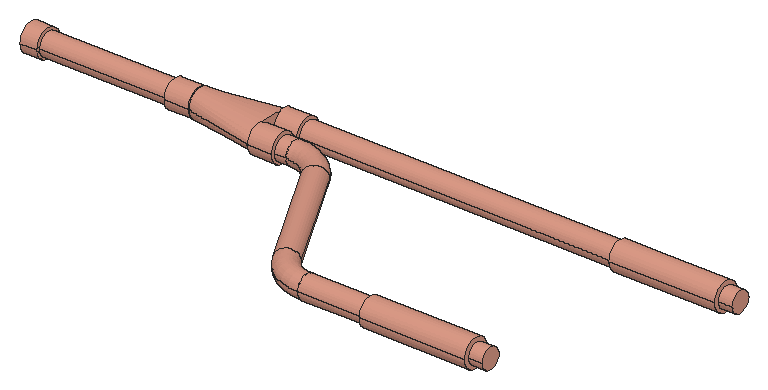
Revit family "outputfile", category 配管付属品, Revit 2024
Family settings
  丸型コネクタ寸法 = 半径を使用
  パーツ タイプ = 標準
  OmniClass 番号 = 23.65.55.00
  OmniClass タイトル = Distribution of Supplied Liquids/Gases
  作業面ベース = いいえ
  常に垂直 = はい
  ロード時にボイドで切り取り = いいえ
  共有 = いいえ
Parameters (values of type "BHRP26A22TA")
  Description = ""
  製造元 = "Daikin"
  書き出し IFC クラス(タイプ) = "IfcPipeFittingType"
  定義済み IFC タイプ(タイプ) = "JUNCTION"
  Cost = 0
  Type Comments = ""
  Keynote = ""
  Type Image = (empty or 0)
  Assembly Code = ""
  mm⇔inch [instance] = yes
  l_InletPipe4 = 10.0 mm
  built-in parameter 1114242 [instance] = (empty or 0)
  Default Elevation = 0.0 mm
  モデル = "BHRP26A22TA"
  table_StraightPipe [instance] = if(mm⇔inch, "Refnet Joint_BHRP26A-TA_Liquid_StraightPipe", "Refnet Joint_BHRP26A-TA_Liquid_StraightPipe_inch")  # "Refnet Joint_BHRP26A-TA_Liquid_StraightPipe"
  table_BranchPipe [instance] = if(mm⇔inch, "Refnet Joint_BHRP26A-TA_Liquid_BranchPipe", "Refnet Joint_BHRP26A-TA_Liquid_BranchPipe_inch")  # "Refnet Joint_BHRP26A-TA_Liquid_BranchPipe"
  table_Inlet [instance] = if(mm⇔inch, "Refnet Joint_BHRP26A-TA_Liquid_Inlet", "Refnet Joint_BHRP26A-TA_Liquid_Inlet_inch")  # "Refnet Joint_BHRP26A-TA_Liquid_Inlet"
  switch_StraightPipe_Reducer [instance] = if(Is_StraightPipe Reducer = 1, 1 = 1, 1 = 0)  # no
  switch_StraightPipe3 [instance] = if(number_StraightPipe = 3, 1 = 1, 1 = 0)  # no
  switch_StraightPipe2 [instance] = if(number_StraightPipe < 2, 1 = 0, 1 = 1)  # yes
  switch_BranchPipe_Reducer [instance] = if(Is_BranchPipe Reducer = 1, 1 = 1, 1 = 0)  # no
  switch_BranchPipe3 [instance] = if(number_BranchPipe = 3, 1 = 1, 1 = 0)  # no
  switch_BranchPipe2 [instance] = if(number_BranchPipe < 2, 1 = 0, 1 = 1)  # yes
  switch_Inlet pipe_Reducer [instance] = if(Is_Inlet Reducer = 1, 1 = 1, 1 = 0)  # no
  switch_Inlet pipe3 [instance] = if(number_InletPipe = 3, 1 = 1, 1 = 0)  # no
  switch_Inlet pipe2 [instance] = if(number_InletPipe < 2, 1 = 0, 1 = 1)  # no
  Uniclass2015Version = "Products v1.31"
  Uniclass2015Title = "Copper pipe fittings"
  Uniclass2015Code = "Pr_65_52_63_18"
  URL = ""
  StraightPipe_Liquid_ActualDiameter [instance] = 6.4 mm
  Material_Piping = DAIKIN_Copper_Pipe
  Material_Insulation = DAIKIN_White_Insulation
  lw_Insulation [instance] = size_lookup(table_Inlet, "lw_Insulation", 38.0 mm, モデル)  # 38.0 mm
  Unit Type = "BHRP26A-TA_Liquid"
  Tag No. [instance] = ""
  StraightPipe_Liquid_Status [instance] = size_lookup(table_StraightPipe, "Information", "The connected pipe size is not available.", モデル, StraightPipe_Liquid_ActualDiameter)  # "Default connector size is used."
  Link_Nested Family [instance] = ""
  Inlet_Liquid_Actual Diameter [instance] = 9.5 mm
  IfcVersion = ""
  IfcExportType = "JUNCTION"
  IfcExportAs = "IfcPipeFittingType"
  BranchPipe_Liquid_Status [instance] = size_lookup(table_BranchPipe, "Information", "The connected pipe size is not available.", モデル, BranchPipe_Liquid_ActualDiameter)  # "Default connector size is used."
  Inlet_Liquid_Status [instance] = size_lookup(table_Inlet, "Information", "The connected pipe size is not available.", モデル, Inlet_Liquid_Actual Diameter)  # "Default connector size is used."
  Series = "Refnet Joint"
  O.R_dividePipe_Inlet [instance] = (I.D_InletPipe1 + 2.0 mm) / 2  # 5.75 mm
  r_StraightPipe_Connector [instance] = StraightPipe_Liquid_ActualDiameter / 2  # 3.2 mm
  r_BranchPipe_Connector [instance] = BranchPipe_Liquid_ActualDiameter / 2  # 3.2 mm
  r_Inlet_Connector [instance] = Inlet_Liquid_Actual Diameter / 2  # 4.75 mm
  number_StraightPipe [instance] = size_lookup(table_StraightPipe, "pipeNumber", 2, モデル, StraightPipe_Liquid_ActualDiameter)  # 2
  number_BranchPipe [instance] = size_lookup(table_BranchPipe, "pipeNumber", 2, モデル, BranchPipe_Liquid_ActualDiameter)  # 2
  number_InletPipe [instance] = size_lookup(table_Inlet, "pipeNumber", 1, モデル, Inlet_Liquid_Actual Diameter)  # 1
  r_BranchPipeR [instance] = size_lookup(table_BranchPipe, "r_offsetPipeR", 18.0 mm, モデル, BranchPipe_Liquid_ActualDiameter)  # 18.0 mm
  l_BranchPipe_Straight2 [instance] = size_lookup(table_BranchPipe, "L_offsetPipe2", 26.5 mm, モデル)  # 26.5 mm
  l_BranchPipe_Straight1 [instance] = size_lookup(table_BranchPipe, "L_offsetPipe1", 5.0 mm, モデル)  # 5.0 mm
  l_BranchPipe connector [instance] = size_lookup(table_BranchPipe, "Length", 150.0 mm, モデル, BranchPipe_Liquid_ActualDiameter)  # 150.0 mm
  l_inlet connector [instance] = size_lookup(table_Inlet, "Length", 70.0 mm, モデル, Inlet_Liquid_Actual Diameter)  # 70.0 mm
  l_dividePipe [instance] = size_lookup(table_Inlet, "L_devidePipe", 30.0 mm, モデル)  # 30.0 mm
  l_StraightPipeReducer [instance] = size_lookup(table_StraightPipe, "L_Reducer", 80.0 mm, モデル, StraightPipe_Liquid_ActualDiameter)  # 80.0 mm
  l_StraightPipe3 [instance] = size_lookup(table_StraightPipe, "L_Pipe3", 2.0 mm, モデル)  # 2.0 mm
  l_StraightPipe2 [instance] = size_lookup(table_StraightPipe, "L_Pipe2", 6.0 mm, モデル)  # 6.0 mm
  l_StraightPipe1 [instance] = size_lookup(table_StraightPipe, "L_Pipe1", 44.0 mm, モデル)  # 44.0 mm
  l_StraightPipe0 [instance] = size_lookup(table_StraightPipe, "L_Pipe0", 130.0 mm, モデル)  # 130.0 mm
  l_StraightPipe connector [instance] = size_lookup(table_StraightPipe, "Length", 190.0 mm, モデル, StraightPipe_Liquid_ActualDiameter)  # 190.0 mm
  l_BranchPipe Reducer [instance] = size_lookup(table_BranchPipe, "L_Reducer", 50.0 mm, モデル, BranchPipe_Liquid_ActualDiameter)  # 50.0 mm
  l_BranchPipe3 [instance] = size_lookup(table_BranchPipe, "L_Pipe3", 2.0 mm, モデル)  # 2.0 mm
  l_BranchPipe2 [instance] = size_lookup(table_BranchPipe, "L_Pipe2", 6.0 mm, モデル)  # 6.0 mm
  l_BranchPipe1 [instance] = size_lookup(table_BranchPipe, "L_Pipe1", 44.0 mm, モデル)  # 44.0 mm
  l_BranchPipe0 [instance] = size_lookup(table_BranchPipe, "L_Pipe0", 90.0 mm, モデル)  # 90.0 mm
  l_InletReducer [instance] = size_lookup(table_Inlet, "L_Reducer", 80.0 mm, モデル, Inlet_Liquid_Actual Diameter)  # 80.0 mm
  l_InletPipe3 [instance] = size_lookup(table_Inlet, "L_Pipe3", 2.0 mm, モデル)  # 2.0 mm
  l_InletPipe2 [instance] = size_lookup(table_Inlet, "L_Pipe2", 2.0 mm, モデル)  # 2.0 mm
  l_InletPipe1 [instance] = size_lookup(table_Inlet, "L_Pipe1", 7.0 mm, モデル)  # 7.0 mm
  l_InletPipe0 [instance] = size_lookup(table_Inlet, "L_Pipe0", 53.0 mm, モデル)  # 53.0 mm
  center_StraightPipe [instance] = size_lookup(table_StraightPipe, "center_Pipe", 6.5 mm, モデル)  # 6.5 mm
  center_BranchPipe2 [instance] = size_lookup(table_BranchPipe, "center_OffsetPipe", 73.5 mm, モデル)  # 73.5 mm
  center_BranchPipe1 [instance] = size_lookup(table_BranchPipe, "center_Pipe", 6.5 mm, モデル)  # 6.5 mm
  StraightPipe_Liquid_AvailableDiameter [instance] = size_lookup(table_StraightPipe, "sizeVariation", "", モデル)  # "6.4/9.5mm"
  BranchPipe_Liquid_AvailableDiameter [instance] = size_lookup(table_BranchPipe, "sizeVariation", "", モデル)  # "6.4/9.5mm"
  Inlet_Liquid_Available Diameter [instance] = size_lookup(table_Inlet, "sizeVariation", "", モデル)  # "9.5mm"
  O.D_StraightPipe Reducer [instance] = size_lookup(table_StraightPipe, "O.D_reducer", 2.0 mm, モデル, StraightPipe_Liquid_ActualDiameter)  # 2.0 mm
  O.D_Offset Outlet Reducer [instance] = size_lookup(table_BranchPipe, "O.D_reducer", 2.0 mm, モデル, BranchPipe_Liquid_ActualDiameter)  # 2.0 mm
  O.D_Inlet Reducer [instance] = size_lookup(table_Inlet, "O.D_reducer", 2.0 mm, モデル, Inlet_Liquid_Actual Diameter)  # 2.0 mm
  Is_StraightPipe Reducer [instance] = size_lookup(table_StraightPipe, "IsReducer", 0, モデル, StraightPipe_Liquid_ActualDiameter)  # 0
  Is_BranchPipe Reducer [instance] = size_lookup(table_BranchPipe, "IsReducer", 0, モデル, BranchPipe_Liquid_ActualDiameter)  # 0
  Is_Inlet Reducer [instance] = size_lookup(table_Inlet, "IsReducer", 0, モデル, Inlet_Liquid_Actual Diameter)  # 0
  BranchPipe_Liquid_ActualDiameter [instance] = 6.4 mm
  Attach_Insulation [instance] = no
  I.D_StraightPipe3 [instance] = size_lookup(table_StraightPipe, "I.D_PipeSize3", 2.0 mm, モデル)  # 2.0 mm
  I.D_StraightPipe2 [instance] = size_lookup(table_StraightPipe, "I.D_PipeSize2", 6.4 mm, モデル)  # 6.4 mm
  I.D_StraightPipe1 [instance] = size_lookup(table_StraightPipe, "I.D_PipeSize1", 9.5 mm, モデル)  # 9.5 mm
  I.D_StraightPipe0 [instance] = size_lookup(table_StraightPipe, "I.D_PipeSize0", 7.5 mm, モデル)  # 7.5 mm
  I.D_BranchPipe3 [instance] = size_lookup(table_BranchPipe, "I.D_PipeSize3", 2.0 mm, モデル)  # 2.0 mm
  I.D_BranchPipe2 [instance] = size_lookup(table_BranchPipe, "I.D_PipeSize2", 6.4 mm, モデル)  # 6.4 mm
  I.D_BranchPipe1 [instance] = size_lookup(table_BranchPipe, "I.D_PipeSize1", 9.5 mm, モデル)  # 9.5 mm
  I.D_BranchPipe0 [instance] = size_lookup(table_BranchPipe, "I.D_PipeSize0", 7.5 mm, モデル)  # 7.5 mm
  I.D_Straight Reducer [instance] = size_lookup(table_StraightPipe, "I.D_reducer", 2.0 mm, モデル, StraightPipe_Liquid_ActualDiameter)  # 2.0 mm
  I.D_OutletPipe [instance] = size_lookup(table_Inlet, "I.D_OutletPipeSize", 9.6 mm, モデル, Inlet_Liquid_Actual Diameter)  # 9.6 mm
  I.D_Branch Reducer [instance] = size_lookup(table_BranchPipe, "I.D_reducer", 2.0 mm, モデル, BranchPipe_Liquid_ActualDiameter)  # 2.0 mm
  I.D_Inlet Reducer [instance] = size_lookup(table_Inlet, "I.D_reducer", 2.0 mm, モデル, Inlet_Liquid_Actual Diameter)  # 2.0 mm
  I.D_InletPipe3 [instance] = size_lookup(table_Inlet, "I.D_PipeSize3", 2.0 mm, モデル)  # 2.0 mm
  I.D_InletPipe2 [instance] = size_lookup(table_Inlet, "I.D_PipeSize2", 2.0 mm, モデル)  # 2.0 mm
  I.D_InletPipe1 [instance] = size_lookup(table_Inlet, "I.D_PipeSize1", 9.5 mm, モデル)  # 9.5 mm
  I.D_InletPipe0 [instance] = size_lookup(table_Inlet, "I.D_PipeSize0", 7.5 mm, モデル)  # 7.5 mm
Reference planes
  plane 1 "Center (Front/Back)": y = 0
  plane 2: z = 0
  plane 3 "base_left": x = 0
  plane 4: x = 2
  plane 5: x = 4
  plane 6: x = 11
  plane 7: x = 64
  plane 8: x = 74
  plane 9: x = 104
  plane 10: x = 114
  plane 11 "center_straight outlet": y = 6.5
  plane 12 "center2_offset outlet": y = -73.5
  plane 13 "center1_offset outlet": y = -6.5
  plane 14: x = 244
  plane 15: x = 288
  plane 16: x = 294
  plane 17: x = 204
  plane 18: x = 248
  plane 19: x = 254
  plane 20: x = 296
  plane 21: x = 256
  plane 22 "Reducer_straightoutlet": x = 254
  plane 23: x = 294
  plane 24: y = -12.25
  plane 25: z = 5.75
  plane 26 "Inlet_connector": x = 4
  plane 27 "Left_Insulation": x = 36
Forms (mm)
  SweptBlend 1, solid, material "DAIKIN_Copper_Pipe" <- "Material_Piping"
    path origin (0, 0, 0) x (1, 0, 0) y (0, 1, 0)
      loop
        line (74, 0) -> (104, 0)
    profile origin (74, 0, 0) x (0, 1, 0) y (0, 0, 1)
      loop
        circle (0, 0) r 5.75
    end profile origin (104, 0, 0) x (0, 1, 0) y (0, 0, 1)
      loop
        spline (-12.25, 0) -> (-11.833, -1.488) -> (-10.609, -2.875) -> (-8.662, -4.066) -> (-6.125, -4.98) -> (-3.171, -5.554) -> (0, -5.75) -> (3.171, -5.554) -> (6.125, -4.98) -> (8.662, -4.066) -> (10.609, -2.875) -> (11.833, -1.488) -> (12.25, 0)
        spline (12.25, 0) -> (11.833, 1.488) -> (10.609, 2.875) -> (8.662, 4.066) -> (6.125, 4.98) -> (3.171, 5.554) -> (0, 5.75) -> (-3.171, 5.554) -> (-6.125, 4.98) -> (-8.662, 4.066) -> (-10.609, 2.875) -> (-11.833, 1.488) -> (-12.25, 0)
Dimensions and locks
  "l_InletPipe3": plane 3 "base_left" to plane 4
  "l_InletPipe2": plane 4 to plane 5
  "l_InletPipe1": plane 5 to plane 6
  "l_InletPipe0": plane 6 to plane 7
  "l_InletPipe4": plane 7 to plane 8
  "center_StraightPipe": plane 1 "Center (Front/Back)" to plane 11 "center_straight outlet"
  "center_BranchPipe2": plane 12 "center2_offset outlet" to plane 1 "Center (Front/Back)"
  "center_BranchPipe1": plane 13 "center1_offset outlet" to plane 1 "Center (Front/Back)"
  "l_dividePipe": plane 8 to plane 9
  plane 9 to plane 10 = 10.0 mm
  "l_StraightPipe0": plane 10 to plane 14
  "l_BranchPipe0": plane 10 to plane 17
  "l_BranchPipe1": plane 17 to plane 18
  "l_BranchPipe2": plane 18 to plane 19
  "l_StraightPipe1": plane 14 to plane 15
  "l_StraightPipe2": plane 15 to plane 16
  "l_StraightPipe3": plane 16 to plane 20
  "l_BranchPipe3": plane 19 to plane 21
  "l_BranchPipe connector": plane 9 to plane 22 "Reducer_straightoutlet"
  "l_StraightPipe connector": plane 9 to plane 23
  "O.R_dividePipe_Inlet": plane 24 to plane 13 "center1_offset outlet"
  "O.R_dividePipe_Inlet": plane 25 to plane 2
  "l_inlet connector": plane 26 "Inlet_connector" to plane 8
  "lw_Insulation": plane 27 "Left_Insulation" to plane 8
  "O.R_dividePipe_Inlet": radius of SweptBlend 1 sketch curve
  aligned and locked: level to plane 2
  aligned and locked: plane 2 to nested 1
  aligned and locked: plane 3 "base_left" to nested 1
  aligned and locked: plane 1 "Center (Front/Back)" to nested 1
  aligned and locked: plane 4 to nested 2
  aligned and locked: plane 1 "Center (Front/Back)" to nested 2
  aligned and locked: plane 5 to nested 2
  aligned and locked: plane 5 to nested 3
  aligned and locked: plane 6 to nested 3
  aligned and locked: plane 6 to nested 4
  aligned and locked: nested 4 to plane 7
  aligned and locked: nested 5 to plane 7
  aligned and locked: nested 5 to plane 8
  aligned and locked: plane 8 to SweptBlend 1 sketch curve
  aligned and locked: plane 9 to SweptBlend 1 sketch curve
  aligned and locked: plane 2 to SweptBlend 1 sketch curve  (x2)
  aligned and locked: plane 1 "Center (Front/Back)" to SweptBlend 1 sketch curve  (x2)
  aligned and locked: nested 6 to plane 9
  aligned and locked: nested 7 to plane 9
  aligned and locked: nested 6 to plane 11 "center_straight outlet"
  aligned and locked: nested 7 to plane 13 "center1_offset outlet"
  aligned and locked: nested 7 to plane 10
  aligned and locked: nested 6 to plane 10
  aligned and locked: nested 8 to plane 10
  aligned and locked: plane 14 to nested 8
  aligned and locked: nested 8 to plane 11 "center_straight outlet"
  aligned and locked: plane 14 to nested 9
  aligned and locked: nested 9 to plane 11 "center_straight outlet"
  aligned and locked: plane 15 to nested 9
  aligned and locked: nested 10 to plane 11 "center_straight outlet"
  aligned and locked: plane 15 to nested 10
  aligned and locked: plane 16 to nested 10
  aligned and locked: nested 11 to plane 12 "center2_offset outlet"
  aligned and locked: plane 17 to nested 11
  aligned and locked: plane 18 to nested 11
  aligned and locked: nested 12 to plane 12 "center2_offset outlet"
  aligned and locked: plane 18 to nested 12
  aligned and locked: plane 19 to nested 12
  aligned and locked: nested 13 to plane 10
  aligned and locked: nested 13 to plane 13 "center1_offset outlet"
  aligned and locked: nested 13 to plane 12 "center2_offset outlet"
  aligned and locked: plane 8 to nested 14
  aligned and locked: plane 1 "Center (Front/Back)" to nested 14
  aligned and locked: plane 11 "center_straight outlet" to nested 15
  aligned and locked: nested 15 to plane 9
  aligned and locked: nested 16 to plane 9
  aligned and locked: plane 12 "center2_offset outlet" to nested 16
  aligned and locked: nested 17 to plane 1 "Center (Front/Back)"
  aligned and locked: plane 16 to nested 18
  aligned and locked: plane 20 to nested 18
  aligned and locked: plane 19 to nested 19
  aligned and locked: plane 21 to nested 19
  aligned and locked: nested 20 to plane 12 "center2_offset outlet"
  aligned and locked: plane 23 to nested 21
  aligned and locked: nested 21 to plane 11 "center_straight outlet"
  aligned and locked: plane 4 to nested 1
  aligned and locked: plane 24 to SweptBlend 1 sketch curve
  aligned and locked: plane 25 to SweptBlend 1 sketch curve
  aligned and locked: nested 19 to plane 12 "center2_offset outlet"
  aligned and locked: nested 18 to plane 11 "center_straight outlet"
  aligned and locked: nested 17 to plane 26 "Inlet_connector"
  aligned and locked: plane 22 "Reducer_straightoutlet" to nested 20
  aligned and locked: plane 27 "Left_Insulation" to nested 22
  aligned and locked: plane 1 "Center (Front/Back)" to nested 22
Automatic sketch dimensions
  plane 1 "Center (Front/Back)" to SweptBlend 1 sketch curve = 0.0 mm
Nested families
  nested 1: "daikin_Pipe" at (1, 0, 0), I.D_Pipe <- "I.D_InletPipe3", display <- "switch_Inlet pipe3", type "*"
    with length_Pipe 2.0 mm, display no, O.D_Pipe 4.0 mm, I.D_Pipe 2.0 mm
  nested 2: "daikin_Pipe" at (3, 0, 0), I.D_Pipe <- "I.D_InletPipe2", display <- "switch_Inlet pipe2", type "*"
    with length_Pipe 2.0 mm, display no, O.D_Pipe 4.0 mm, I.D_Pipe 2.0 mm
  nested 3: "daikin_Pipe" at (7.5, 0, 0), I.D_Pipe <- "I.D_InletPipe1", type "*"
    with length_Pipe 7.0 mm, display yes, O.D_Pipe 11.5 mm, I.D_Pipe 9.5 mm
  nested 4: "daikin_Pipe" at (37.5, 0, 0), I.D_Pipe <- "I.D_InletPipe0", type "*"
    with length_Pipe 53.0 mm, display yes, O.D_Pipe 9.5 mm, I.D_Pipe 7.5 mm
  nested 5: "daikin_Pipe" at (69, 0, 0), I.D_Pipe <- "I.D_InletPipe1", type "*"
    with length_Pipe 10.0 mm, display yes, O.D_Pipe 11.5 mm, I.D_Pipe 9.5 mm
  nested 6: "daikin_Pipe" at (109, 6.5, 0), I.D_Pipe <- "I.D_OutletPipe", type "*"
    with length_Pipe 10.0 mm, display yes, O.D_Pipe 11.6 mm, I.D_Pipe 9.6 mm
  nested 7: "daikin_Pipe" at (109, -6.5, 0), I.D_Pipe <- "I.D_OutletPipe", type "*"
    with length_Pipe 10.0 mm, display yes, O.D_Pipe 11.6 mm, I.D_Pipe 9.6 mm
  nested 8: "daikin_Pipe" at (179, 6.5, 0), I.D_Pipe <- "I.D_StraightPipe0", type "*"
    with length_Pipe 130.0 mm, display yes, O.D_Pipe 9.5 mm, I.D_Pipe 7.5 mm
  nested 9: "daikin_Pipe" at (266, 6.5, 0), I.D_Pipe <- "I.D_StraightPipe1", type "*"
    with length_Pipe 44.0 mm, display yes, O.D_Pipe 11.5 mm, I.D_Pipe 9.5 mm
  nested 10: "daikin_Pipe" at (291, 6.5, 0), I.D_Pipe <- "I.D_StraightPipe2", display <- "switch_StraightPipe2", type "*"
    with length_Pipe 6.0 mm, display yes, O.D_Pipe 8.4 mm, I.D_Pipe 6.4 mm
  nested 11: "daikin_Pipe" at (226, -73.5, 0), I.D_Pipe <- "I.D_BranchPipe1", type "*"
    with length_Pipe 44.0 mm, display yes, O.D_Pipe 11.5 mm, I.D_Pipe 9.5 mm
  nested 12: "daikin_Pipe" at (251, -73.5, 0), I.D_Pipe <- "I.D_BranchPipe2", display <- "switch_BranchPipe2", type "*"
    with length_Pipe 6.0 mm, display yes, O.D_Pipe 8.4 mm, I.D_Pipe 6.4 mm
  nested 13: "daikin_Pipe Ofsset" at (114, -6.5, 0), I.D_Pipe size <- "I.D_BranchPipe0", length_straight pipe1 <- "l_BranchPipe_Straight1", length_straight pipe2 <- "l_BranchPipe_Straight2", r_Pipe R <- "r_BranchPipeR", length_Pipe <- "l_BranchPipe0", type "*"
    with r_Pipe R 18.0 mm, length_straight pipe2 26.5 mm, length_straight pipe1 5.0 mm, length_offset center 67.0 mm, length_Pipe 90.0 mm, O.D_Pipe size 9.5 mm, I.D_Pipe size 7.5 mm
  nested 14: "daikin_connector_rotate2" at (74, 0, 0) x (0, -1, 0) z (0, 0, 1), length <- "l_inlet connector", type "daikin_connector_rotate2"
    with radius 5.0 mm, length 70.0 mm, angle_vertical 90.00°, locaton_mark no
  nested 15: "daikin_connector_rotate2" at (104, 6.5, 0) x (0, 1, 0) z (0, 0, 1), length <- "l_StraightPipe connector", type "daikin_connector_rotate2"
    with radius 5.0 mm, length 190.0 mm, angle_vertical 90.00°, locaton_mark no
  nested 16: "daikin_connector_rotate2" at (104, -73.5, 0) x (0, 1, 0) z (0, 0, 1), length <- "l_BranchPipe connector", type "daikin_connector_rotate2"
    with radius 5.0 mm, length 150.0 mm, angle_vertical 90.00°, locaton_mark no
  nested 17: "daikin_Pipe_reducer" at (44, 0, 0) x (-1, 0, 0) z (0, 0, 1), display <- "switch_Inlet pipe_Reducer", length_Pipe <- "l_InletReducer", I.D_Pipe1 <- "I.D_Inlet Reducer", O.D_Pipe2 <- "O.D_Inlet Reducer", type "*"
    with length_Pipe 80.0 mm, display no, O.D_Pipe2 2.0 mm, O.D_Pipe1 4.0 mm, I.D_Pipe2 0.0 mm, I.D_Pipe1 2.0 mm
  nested 18: "daikin_Pipe" at (295, 6.5, 0), I.D_Pipe <- "I.D_StraightPipe3", display <- "switch_StraightPipe3", type "*"
    with length_Pipe 2.0 mm, display no, O.D_Pipe 4.0 mm, I.D_Pipe 2.0 mm
  nested 19: "daikin_Pipe" at (255, -73.5, 0), I.D_Pipe <- "I.D_BranchPipe3", display <- "switch_BranchPipe3", type "*"
    with length_Pipe 2.0 mm, display no, O.D_Pipe 4.0 mm, I.D_Pipe 2.0 mm
  nested 20: "daikin_Pipe_reducer" at (229, -73.5, 0), I.D_Pipe1 <- "I.D_Branch Reducer", O.D_Pipe2 <- "O.D_Offset Outlet Reducer", length_Pipe <- "l_BranchPipe Reducer", display <- "switch_BranchPipe_Reducer", type "*"
    with length_Pipe 50.0 mm, display no, O.D_Pipe2 2.0 mm, O.D_Pipe1 4.0 mm, I.D_Pipe2 0.0 mm, I.D_Pipe1 2.0 mm
  nested 21: "daikin_Pipe_reducer" at (254, 6.5, 0), I.D_Pipe1 <- "I.D_Straight Reducer", O.D_Pipe2 <- "O.D_StraightPipe Reducer", length_Pipe <- "l_StraightPipeReducer", display <- "switch_StraightPipe_Reducer", type "*"
    with length_Pipe 80.0 mm, display no, O.D_Pipe2 2.0 mm, O.D_Pipe1 4.0 mm, I.D_Pipe2 0.0 mm, I.D_Pipe1 2.0 mm
  nested 22: "daikin_Insulation_RefnetJoint" at (36, 0, 0), I.D_Outlet PipeSize <- "I.D_OutletPipe", type "*"
    with h 41.6 mm, I.D_Outlet PipeSize 9.6 mm
Connectors
  piping at (4, 0, 0), diameter 9.5, driven by "r_Inlet_Connector"
    settings: on nested 14, index 1, connector inside diameter 609.6 mm, connector length 0.0 mm, flow factor 0, pipe flow 0.00 m³/h, pressure drop 0.0 Pa, fitting loss kfactor 0, connector angle 0.00°, fixture units 0, engagement length 0.0 mm, angle of deflection 0.00°, flow configuration 0, flow direction 1, fitting loss method 0, system type 29, joint type 0, gender type 0, connector reference index -1, connector utility 0, adjustable connector no, is connector primary yes, connector description "Refnet Joint_Inlet_Liquid"
  piping at (254, -73.5, 0), diameter 6.4, driven by "r_BranchPipe_Connector"
    settings: on nested 16, index 2, connector inside diameter 609.6 mm, connector length 0.0 mm, flow factor 0, pipe flow 0.00 m³/h, pressure drop 0.0 Pa, fitting loss kfactor 0, connector angle 0.00°, fixture units 0, engagement length 0.0 mm, angle of deflection 0.00°, flow configuration 0, flow direction 2, fitting loss method 0, system type 29, joint type 0, gender type 0, connector reference index -1, connector utility 0, adjustable connector no, is connector primary no, connector description "Refnet Joint_Outlet Branch_Liquid"
  piping at (294, 6.5, 0), diameter 6.4, driven by "r_StraightPipe_Connector"
    settings: on nested 15, index 3, connector inside diameter 609.6 mm, connector length 0.0 mm, flow factor 0, pipe flow 0.00 m³/h, pressure drop 0.0 Pa, fitting loss kfactor 0, connector angle 0.00°, fixture units 0, engagement length 0.0 mm, angle of deflection 0.00°, flow configuration 0, flow direction 2, fitting loss method 0, system type 29, joint type 0, gender type 0, connector reference index -1, connector utility 0, adjustable connector no, is connector primary no, connector description "Refnet Joint_Outlet Straight_Liquid"
Definition of nested family "daikin_Pipe"
  Parameters (values of type "*")
    Default Elevation = 0.0 mm
    material = none
    length_Pipe [instance] = 150.0 mm
    display [instance] = yes
    O.D_Pipe [instance] = I.D_Pipe + 2.0 mm  # 27.0 mm
    I.D_Pipe [instance] = 25.0 mm
  Reference planes
    plane 1 "Center (Front/Back)": y = 0
    plane 2 "center(vertical)": z = 0
    plane 3 "Center (Left/Right)": x = 0
    plane 4 "left": x = -75
    plane 5 "right": x = 75
  Forms (mm)
    Extrusion 1, solid, material <- "material", visible <- "display"
      sketch origin (0, 0, 0) x (0, 1, 0) y (0, 0, 1)
        loop
          circle (0, 0) r 13.5
      from -75 to 75
  Dimensions and locks
    equal spacing: plane 4 "left", plane 3 "Center (Left/Right)", plane 5 "right"
    "length_Pipe": plane 4 "left" to plane 5 "right"
    "O.D_Pipe": diameter of Extrusion 1 sketch curve
    aligned and locked: level to plane 2 "center(vertical)"
    aligned and locked: plane 2 "center(vertical)" to Extrusion 1 sketch curve
    aligned and locked: plane 1 "Center (Front/Back)" to Extrusion 1 sketch curve
    aligned and locked: plane 5 "right" to Extrusion 1
    aligned and locked: Extrusion 1 to plane 4 "left"
Definition of nested family "daikin_Pipe Ofsset"
  Parameters (values of type "*")
    Default Elevation = 0.0 mm
    r_Pipe R [instance] = 18.0 mm
    material = none
    length_straight pipe2 [instance] = 25.5 mm
    length_straight pipe1 [instance] = 5.0 mm
    length_offset center [instance] = 67.5 mm
    length_Pipe [instance] = 90.0 mm
    O.D_Pipe size [instance] = I.D_Pipe size + 2.0 mm  # 12.0 mm
    I.D_Pipe size [instance] = 10.0 mm
  Reference planes
    plane 1 "Center (Front/Back)": y = 0
    plane 2: z = 0
    plane 3 "Center (Left/Right)": x = 0
    plane 4: y = -67.5
    plane 5: x = 90
    plane 6: x = 64.5
    plane 7: x = 5
  Forms (mm)
    Sweep 1, solid, material <- "material"
      path origin (0, 0, 0) x (1, 0, 0) y (0, 1, 0)
        loop
          line (0, 0) -> (5, 0)
          arc (5, 0) -> (14.03, -2.429) -> (20.623, -9.061) r 18
          line (20.623, -9.061) -> (48.877, -58.439)
          arc (48.877, -58.439) -> (55.47, -65.071) -> (64.5, -67.5) r 18
          line (64.5, -67.5) -> (90, -67.5)
      profile origin (2.5, 0, 0) x (0, 1, 0) y (0, 0, 1)
        loop
          circle (0, 0) r 6
  Dimensions and locks
    "length_offset center": plane 4 to plane 1 "Center (Front/Back)"
    "length_straight pipe1": plane 3 "Center (Left/Right)" to plane 7
    "length_Pipe": plane 3 "Center (Left/Right)" to plane 5
    "length_straight pipe2": plane 6 to plane 5
    "O.D_Pipe size": diameter of Sweep 1 sketch curve
    "r_Pipe R": radius of Sweep 1 sketch curve  (x2)
    aligned and locked: level to plane 2
    aligned and locked: plane 1 "Center (Front/Back)" to Sweep 1 sketch curve
    aligned and locked: profile plane to Sweep 1 sketch curve
    aligned and locked: plane 5 to Sweep 1 sketch curve
    aligned and locked: plane 7 to Sweep 1 sketch curve
    aligned and locked: plane 6 to Sweep 1 sketch curve
  Automatic sketch dimensions
    plane 1 "Center (Front/Back)" to Sweep 1 sketch curve = 0.0 mm
    Sweep 1 sketch curve to plane 3 "Center (Left/Right)" = 0.0 mm
    plane 4 to Sweep 1 sketch curve = 0.0 mm
Definition of nested family "daikin_connector_rotate2"
  Parameters (values of type "daikin_connector_rotate2")
    show_face = no
    radius [instance] = 10.0 mm
    locaton_mark = yes
    length [instance] = 600.0 mm
    d_surface = 10.0 mm
    angle_vertical [instance] = 90.00°
    Default Elevation = 0.0 mm
  Reference planes
    plane 1 "Center (Front/Back)": y = 0
    plane 2: z = 0
    plane 3 "Center (Left/Right)": x = 0
  Forms (mm)
    Extrusion 1, solid, visible <- "show_face"
      sketch origin (0, -600, 0) x (1, 0, 0) y (0, 0, 1)
        loop
          circle (0, 0) r 10
      from 0 to -10
  Lines and regions (mm)
    reference lines
      curve 1: line (0, 0, 0) -> (0, -600, 0)
    symbolic lines, visible <- "locaton_mark"
      curve 2: circle (0, 0, 0) r 5 normal (0, 0, 1)
    model lines, visible <- "show_face"
      curve 3: line (0, 0, 0) -> (0, -600, 0)
  Dimensions and locks
    "length": curve 1 to curve 1
    "length": curve 3 to curve 3
    "d_surface": Extrusion 1 to Extrusion 1
    "radius": radius of Extrusion 1 sketch curve
    "angle_vertical": angle curve 1 to plane 1 "Center (Front/Back)"
    "angle_vertical": angle curve 3 to plane 1 "Center (Front/Back)"
    aligned and locked: level to plane 2
    aligned and locked: plane 1 "Center (Front/Back)" to curve 1
    aligned and locked: plane 2 to curve 1
    aligned and locked: plane 1 "Center (Front/Back)" to curve 2
    aligned and locked: plane 3 "Center (Left/Right)" to curve 2
    aligned and locked: plane 1 "Center (Front/Back)" to curve 3
    aligned and locked: plane 2 to curve 3
    aligned and locked: Extrusion 1 to Extrusion 1
  Automatic sketch dimensions
    Extrusion 1 sketch curve to level = 0.0 mm
    Extrusion 1 sketch curve to plane 3 "Center (Left/Right)" = 0.0 mm
    radius of curve 2 = 5.0 mm
Definition of nested family "daikin_Pipe_reducer"
  Parameters (values of type "*")
    Default Elevation = 0.0 mm
    material = none
    length_Pipe [instance] = 250.0 mm
    display [instance] = yes
    O.D_Pipe2 [instance] = 19.1 mm
    O.D_Pipe1 [instance] = I.D_Pipe1 + 2.0 mm  # 24.2 mm
    I.D_Pipe2 [instance] = O.D_Pipe2 - 2.0 mm  # 17.1 mm
    I.D_Pipe1 [instance] = 22.2 mm
  Reference planes
    plane 1 "Center (Front/Back)": y = 0
    plane 2 "center(vertical)": z = 0
    plane 3 "Center (Left/Right)": x = 0
    plane 4 "connection": x = -125
    plane 5 "right": x = 113
    plane 6: x = 125
  Forms (mm)
    Extrusion 1, solid, material <- "material", visible <- "display"
      sketch origin (0, 0, 0) x (0, 1, 0) y (0, 0, 1)
        loop
          circle (0, 0) r 9.55
      from -125 to 113
    Extrusion 2, solid, material <- "material", visible <- "display"
      sketch origin (0, 0, 0) x (0, 1, 0) y (0, 0, 1)
        loop
          circle (0, 0) r 12.1
      from 113 to 125
  Dimensions and locks
    locked: plane 5 "right" to plane 6 at 12
    "length_Pipe": plane 4 "connection" to plane 6
    equal spacing: plane 4 "connection", plane 3 "Center (Left/Right)", plane 6
    "O.D_Pipe2": diameter of Extrusion 1 sketch curve
    "O.D_Pipe1": diameter of Extrusion 2 sketch curve
    aligned and locked: level to plane 2 "center(vertical)"
    aligned and locked: plane 2 "center(vertical)" to Extrusion 1 sketch curve
    aligned and locked: plane 1 "Center (Front/Back)" to Extrusion 1 sketch curve
    aligned and locked: plane 5 "right" to Extrusion 1
    aligned and locked: Extrusion 1 to plane 4 "connection"
    aligned and locked: plane 2 "center(vertical)" to Extrusion 2 sketch curve
    aligned and locked: plane 1 "Center (Front/Back)" to Extrusion 2 sketch curve
    aligned and locked: Extrusion 2 to plane 5 "right"
    aligned and locked: plane 6 to Extrusion 2
Definition of nested family "daikin_Insulation_RefnetJoint"
  Parameters (values of type "*")
    r_Insulation = size_lookup(table_Insulation, "r_Insulation", 17.0 mm, Model)  # 17.0 mm
    h_Insulation = size_lookup(table_Insulation, "h_Insulation", 146.0 mm, Model)  # 146.0 mm
    d_Insulation3_3 = size_lookup(table_Insulation, "d_Insulation3_3", 64.0 mm, Model)  # 64.0 mm
    d_Insulation2_2 = size_lookup(table_Insulation, "d_Insulation2_2", 30.0 mm, Model)  # 30.0 mm
    d_Insulation1_1 = size_lookup(table_Insulation, "d_Insulation1_1", 22.0 mm, Model)  # 22.0 mm
    Default Elevation = 0.0 mm
    Model = "BHRP26A22TA"
    w_Insulation5 = size_lookup(table_Insulation, "w_Insulation5", 153.0 mm, Model)  # 153.0 mm
    w_Insulation4 = size_lookup(table_Insulation, "w_Insulation4", 51.5 mm, Model)  # 51.5 mm
    w_Insulation3 = size_lookup(table_Insulation, "w_Insulation3", 33.1 mm, Model)  # 33.1 mm
    w_Insulation2 = size_lookup(table_Insulation, "w_Insulation2", 35.3 mm, Model)  # 35.3 mm
    w_Insulation1 = size_lookup(table_Insulation, "w_Insulation1", 1.0 mm, Model)  # 1.0 mm
    table_Insulation = "Refnet Joint_BHRP26A-TA_Liquid_Insulation"  # constant formula
    material = none
    h [instance] = (I.D_Outlet PipeSize + 2.0 mm) + 30.0 mm  # 47.0 mm
    display = no
    d_Insulation3 = size_lookup(table_Insulation, "d_Insulation3", 63.0 mm, Model)  # 63.0 mm
    d_Insulation2 = size_lookup(table_Insulation, "d_Insulation2", 32.0 mm, Model)  # 32.0 mm
    d_Insulation1 = size_lookup(table_Insulation, "d_Insulation1", 24.0 mm, Model)  # 24.0 mm
    I.D_Outlet PipeSize [instance] = 15.0 mm
  Reference planes
    plane 1 "Center (Front/Back)": y = 0
    plane 2: z = 0
    plane 3 "Left": x = 0
    plane 4 "top": z = 23.5
    plane 5 "bottom": z = -23.5
    plane 6: x = 1
    plane 7: x = 35.3
    plane 8: y = 22
    plane 9: y = -24
    plane 10: y = 30
    plane 11: y = -32
    plane 12: y = -97
    plane 13: x = 153
    plane 14: y = -34
    plane 15: x = 68.4
    plane 16: x = 101.5
    plane 17: x = 146
  Forms (mm)
    Extrusion 1, solid, material <- "material", visible <- "display"
      sketch origin (-21, 0, 0) x (1, 0, 0) y (0, 1, 0)
        loop
          line (22, 22) -> (21, 22) -> (21, -24) -> (22, -24) -> (56.3, -32) -> (89.4, -32) -> (122.5, -97) -> (174, -97) -> (174, -51) -> (167, -51)
          arc (167, -51) -> (150, -34) -> (167, -17) r 17
          line (167, -17) -> (174, -17) -> (174, 30) -> (56.3, 30) -> (22, 22)
      from -23.5 to 23.5
  Dimensions and locks
    equal spacing: plane 4 "top", plane 2, plane 5 "bottom"
    "h": plane 4 "top" to plane 5 "bottom"
    "w_Insulation1": plane 3 "Left" to plane 6
    "w_Insulation2": plane 3 "Left" to plane 7
    "w_Insulation5": plane 3 "Left" to plane 13
    "w_Insulation3": plane 7 to plane 15
    "w_Insulation4": plane 16 to plane 13
    "d_Insulation1": plane 1 "Center (Front/Back)" to plane 9
    "d_Insulation1_1": plane 8 to plane 1 "Center (Front/Back)"
    "d_Insulation2": plane 1 "Center (Front/Back)" to plane 11
    "d_Insulation2_2": plane 10 to plane 1 "Center (Front/Back)"
    "d_Insulation3_3": plane 10 to plane 14
    "d_Insulation3": plane 14 to plane 12
    "r_Insulation": Extrusion 1 sketch curve to plane 14
    "r_Insulation": plane 14 to Extrusion 1 sketch curve
    "h_Insulation": plane 3 "Left" to plane 17
    "r_Insulation": radius of Extrusion 1 sketch curve
    aligned and locked: level to plane 2
    aligned and locked: Extrusion 1 to plane 5 "bottom"
    aligned and locked: plane 4 "top" to Extrusion 1
    aligned and locked: plane 6 to Extrusion 1  (x2)
    aligned and locked: plane 7 to Extrusion 1  (x2)
    aligned and locked: plane 6 to Extrusion 1 sketch curve
    aligned and locked: Extrusion 1 sketch curve to plane 11
    aligned and locked: plane 7 to Extrusion 1 sketch curve  (x2)
    aligned and locked: Extrusion 1 sketch curve to plane 10
    aligned and locked: Extrusion 1 sketch curve to plane 12
    aligned and locked: Extrusion 1 sketch curve to plane 13  (x2)
    aligned and locked: plane 16 to Extrusion 1 sketch curve
    aligned and locked: plane 15 to Extrusion 1 sketch curve
    aligned and locked: plane 17 to Extrusion 1 sketch curve
  Automatic sketch dimensions
    Extrusion 1 sketch curve to plane 3 "Left" = 0.0 mm
    Extrusion 1 sketch curve to plane 6 = 0.0 mm
    Extrusion 1 sketch curve to plane 9 = 0.0 mm
    Extrusion 1 sketch curve to plane 8 = 0.0 mm
